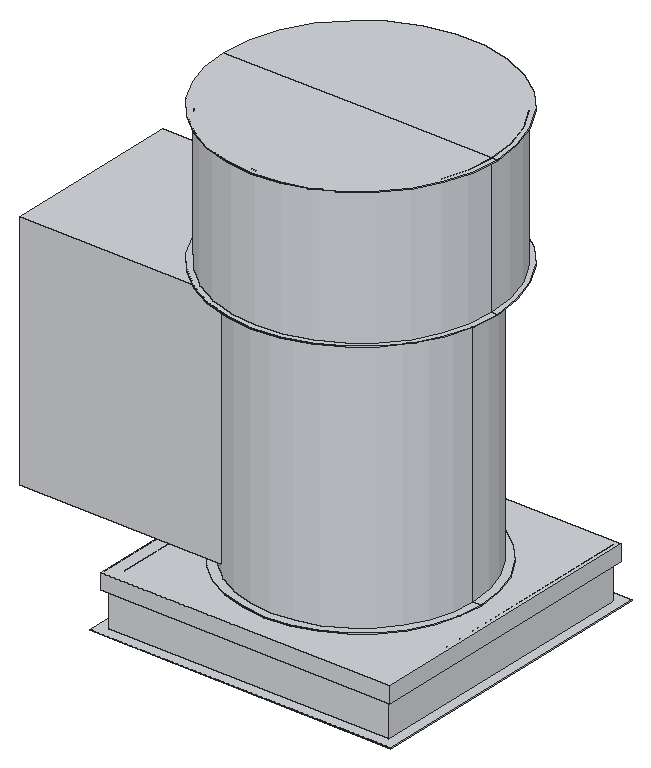
Revit family "VAHB_Roof_Exhauster", category Mechanical Equipment, Revit 2019
Family settings
  Round Connector Dimension = Use Diameter
  Part Type = Normal
  Work Plane-Based = No
  Always vertical = Yes
  Cut with Voids When Loaded = No
  Shared = No
  Room Calculation Point = No
Parameters (values of type "42_VAHB_ROOF_EXHAUSTER")
  Unit Weight [instance] = ""
  UP_A = 6' - 7"
  T_SQ = 4' - 6"
  RO/2 = RO / 2  # 2' - 0 3/4"
  RO = T_SQ - 0' 4 1/2"  # 4' - 1 1/2"
  P/2 = P / 2  # 0' - 0 9/32"
  P = 0' - 0 9/16"  # constant formula
  N = 1' - 9 3/8"
  ModelID [instance] = ""
  M/2 = M / 2  # 2' - 0 3/8"
  M = 4' - 0 3/4"
  L-.125" = L - 0' 0 1/8"  # 2' - 1 1/16"
  J+J = J + J  # 0' - 1 7/8"
  J = 0' - 0 15/16"
  K/2 = K / 2  # 2' - 0 1/16"
  K = 4' - 0 1/8"
  L-(C/2) = L - (C / 2)  # 0' - 3"
  L = 2' - 1 3/16"
  H-(A/2) = H - (A / 2)  # 2' - 5 1/2"
  H+L = H + L  # 6' - 3 11/16"
  H = 4' - 2 1/2"
  Sones [instance] = ""
  Motor RPM [instance] = ""
  Motor Enclosure [instance] = ""
  LwA [instance] = ""
  G = 16' - 0"
  Fan RPM [instance] = ""
  F/2 = F / 2  # 0' - 0 9/32"
  F = 0' - 0 9/16"
  E/2 = E / 2  # 2' - 1"
  E-2" = E - 0' 2"  # 4' - 0"
  E = 4' - 2"
  CURB_HEIGHT [instance] = 0' - 9 1/2"
  CURB [instance] = yes
  C/2+L = C / 2 + L  # 3' - 11 3/8"
  C/2 = C / 2  # 1' - 10 3/16"
  C = 3' - 8 3/8"
  B/2 = B / 2  # 1' - 10 21/32"
  B = 3' - 9 5/16"
  Accessories [instance] = ""
  A/3 = A / 2.5  # 1' - 4.8"
  A/2 = A / 2  # 1' - 9"
  A = 3' - 6"
  60 = 60.00°  # constant formula
  30 = 30.00°  # constant formula
  3" = 0' - 3"  # constant formula
  Brake Hp [instance] = ""
  4" = 0' - 4"  # constant formula
  2' = 2' - 0"
  2" = 0' - 2"  # constant formula
  1" = 0' - 1"  # constant formula
  0 = 0' - 0"  # constant formula
  Voltage [instance] = 0 V
  URL = "www.lorencook.com"
  Type Comments = "Fixed Pitch Vane Axial Roof Exhauster Belt Drive Arrangement 9"  # constant formula
  Static Pressure [instance] = 0.00 in-wg
  Power [instance] = Voltage * Motor FLA * sqrt(if(Phase = 3, 3, 1))  # 0 VA
  Phase [instance] = 0
  Number of Poles [instance] = 1
  Motor Hp [instance] = "0"
  Motor FLA [instance] = 0 A
  Model = "VAHB"  # constant formula
  Manufacturer = "Loren Cook Company"
  CFM [instance] = 0 CFM
  1.5 = 0' - 1 1/2"  # constant formula
  ONE EIGTH = 0' - 0 1/8"  # constant formula
  -E/2 = -E / 2  # -2' - 1"
  -(E/2)+2" = -(E / 2) + 0' 2"  # -1' - 11"
  -(E-.25")/2 = -(E - 0' 0 1/4") / 2  # -2' - 0 7/8"
  (T_SQ+.25")/2 = (T_SQ + 0' 0 1/4") / 2  # 2' - 3 1/8"
  (H-(A/2))/2 = (H - (A / 2)) / 2  # 1' - 2 3/4"
  (E/2)-2" = (E / 2) - 0' 2"  # 1' - 11"
  (E-.25")/2 = (E - 0' 0 1/4") / 2  # 2' - 0 7/8"
  (B/2)+2" = (B / 2) + 0' 2"  # 2' - 0 21/32"
  (A+.25")/2 = (A + 0' 0 1/4") / 2  # 1' - 9 1/8"
Types (12): name | UP_A | T_SQ | RO/2 | RO | N | M/2 | M | L-.125" | J+J | J | K/2 | K | L-(C/2) | L | H-(A/2) | H+L | H | G | F/2 | F | E/2 | E-2" | E | C/2+L | C/2 | C | B/2 | B | A/3 | A/2 | A | -E/2 | -(E/2)+2" | -(E-.25")/2 | (T_SQ+.25")/2 | (H-(A/2))/2 | (E/2)-2" | (E-.25")/2 | (B/2)+2" | (A+.25")/2
  (no name) | 6' - 7" | 4' - 6" | 2' - 0 3/4" | 4' - 1 1/2" | 1' - 9 3/8" | 2' - 0 3/8" | 4' - 0 3/4" | 2' - 1 1/16" | 0' - 1 7/8" | 0' - 0 15/16" | 2' - 0 1/16" | 4' - 0 1/8" | 0' - 3" | 2' - 1 3/16" | 2' - 5 1/2" | 6' - 3 11/16" | 4' - 2 1/2" | 16' - 0" | 0' - 0 9/32" | 0' - 0 9/16" | 2' - 1" | 4' - 0" | 4' - 2" | 3' - 11 3/8" | 1' - 10 3/16" | 3' - 8 3/8" | 1' - 10 21/32" | 3' - 9 5/16" | 1' - 4.8" | 1' - 9" | 3' - 6" | -2' - 1" | -1' - 11" | -2' - 0 7/8" | 2' - 3 1/8" | 1' - 2 3/4" | 1' - 11" | 2' - 0 7/8" | 2' - 0 21/32" | 1' - 9 1/8"
  12_VAHB_ROOF_EXHAUSTER | 2' - 10" | 1' - 10" | 0' - 8 3/4" | 1' - 5 1/2" | 0' - 5 5/16" | 0' - 7 9/32" | 1' - 2 9/16" | 0' - 9" | 0' - 1 3/4" | 0' - 0 7/8" | 0' - 9 1/8" | 1' - 6 1/4" | 0' - 2 7/16" | 0' - 9 1/8" | 1' - 3" | 2' - 6 1/8" | 1' - 9" | 6' - 0" | 0' - 0 5/32" | 0' - 0 5/16" | 0' - 10" | 1' - 6" | 1' - 8" | 1' - 3 13/16" | 0' - 6 11/16" | 1' - 1 3/8" | 0' - 7 3/8" | 1' - 2 3/4" | 0' - 4.8" | 0' - 6" | 1' - 0" | -0' - 10" | -0' - 8" | -0' - 9 7/8" | 0' - 11 1/8" | 0' - 7 1/2" | 0' - 8" | 0' - 9 7/8" | 0' - 9 3/8" | 0' - 6 1/8"
  14_VAHB_ROOF_EXHAUSTER | 3' - 1" | 2' - 0" | 0' - 9 3/4" | 1' - 7 1/2" | 0' - 6 5/16" | 0' - 8 9/32" | 1' - 4 9/16" | 0' - 10" | 0' - 1 3/4" | 0' - 0 7/8" | 0' - 10 5/8" | 1' - 9 1/4" | 0' - 2 3/8" | 0' - 10 1/8" | 1' - 5" | 2' - 10 1/8" | 2' - 0" | 6' - 0" | 0' - 0 5/32" | 0' - 0 5/16" | 0' - 11 1/2" | 1' - 9" | 1' - 11" | 1' - 5 7/8" | 0' - 7 3/4" | 1' - 3 1/2" | 0' - 8 3/8" | 1' - 4 3/4" | 0' - 5.6" | 0' - 7" | 1' - 2" | -0' - 11 1/2" | -0' - 9 1/2" | -0' - 11 3/8" | 1' - 0 1/8" | 0' - 8 1/2" | 0' - 9 1/2" | 0' - 11 3/8" | 0' - 10 3/8" | 0' - 7 1/8"
  18_VAHB_ROOF_EXHAUSTER | 4' - 3" | 2' - 4" | 0' - 11 3/4" | 1' - 11 1/2" | 0' - 8 1/2" | 0' - 10 1/2" | 1' - 9" | 1' - 0 5/16" | 0' - 1 3/4" | 0' - 0 7/8" | 1' - 1 5/8" | 2' - 3 1/4" | 0' - 2 9/16" | 1' - 0 7/16" | 1' - 6 1/4" | 3' - 3 11/16" | 2' - 3 1/4" | 12' - 0" | 0' - 0 7/32" | 0' - 0 7/16" | 1' - 2 1/2" | 2' - 3" | 2' - 5" | 1' - 10 5/16" | 0' - 9 7/8" | 1' - 7 3/4" | 0' - 10 5/8" | 1' - 9 1/4" | 0' - 7.2" | 0' - 9" | 1' - 6" | -1' - 2 1/2" | -1' - 0 1/2" | -1' - 2 3/8" | 1' - 2 1/8" | 0' - 9 1/8" | 1' - 0 1/2" | 1' - 2 3/8" | 1' - 0 5/8" | 0' - 9 1/8"
  21_VAHB_ROOF_EXHAUSTER | 4' - 5" | 2' - 8" | 1' - 1 3/4" | 2' - 3 1/2" | 0' - 10" | 1' - 0" | 2' - 0" | 1' - 1 13/16" | 0' - 1 3/4" | 0' - 0 7/8" | 1' - 2 5/8" | 2' - 5 1/4" | 0' - 2 9/16" | 1' - 1 15/16" | 1' - 9" | 3' - 9 7/16" | 2' - 7 1/2" | 12' - 0" | 0' - 0 7/32" | 0' - 0 7/16" | 1' - 3 1/2" | 2' - 5" | 2' - 7" | 2' - 1 5/16" | 0' - 11 3/8" | 1' - 10 3/4" | 1' - 0 1/8" | 2' - 0 1/4" | 0' - 8.4" | 0' - 10 1/2" | 1' - 9" | -1' - 3 1/2" | -1' - 1 1/2" | -1' - 3 3/8" | 1' - 4 1/8" | 0' - 10 1/2" | 1' - 1 1/2" | 1' - 3 3/8" | 1' - 2 1/8" | 0' - 10 5/8"
  26_VAHB_ROOF_EXHAUSTER | 4' - 7" | 3' - 0" | 1' - 3 3/4" | 2' - 7 1/2" | 1' - 0 13/16" | 1' - 2 25/32" | 2' - 5 9/16" | 1' - 4 9/16" | 0' - 1 7/8" | 0' - 0 15/16" | 1' - 3 1/16" | 2' - 6 1/8" | 0' - 2 11/16" | 1' - 4 11/16" | 1' - 9 1/2" | 4' - 3 3/16" | 2' - 10 1/2" | 12' - 0" | 0' - 0 7/32" | 0' - 0 7/16" | 1' - 4" | 2' - 6" | 2' - 8" | 2' - 6 11/16" | 1' - 2" | 2' - 4" | 1' - 3 5/32" | 2' - 6 5/16" | 0' - 10.4" | 1' - 1" | 2' - 2" | -1' - 4" | -1' - 2" | -1' - 3 7/8" | 1' - 6 1/8" | 0' - 10 3/4" | 1' - 2" | 1' - 3 7/8" | 1' - 5 5/32" | 1' - 1 1/8"
  29_VAHB_ROOF_EXHAUSTER | 4' - 11" | 3' - 6" | 1' - 6 3/4" | 3' - 1 1/2" | 1' - 2 5/16" | 1' - 4 5/16" | 2' - 8 5/8" | 1' - 6 1/8" | 0' - 1 7/8" | 0' - 0 15/16" | 1' - 5 1/16" | 2' - 10 1/8" | 0' - 2 3/4" | 1' - 6 1/4" | 2' - 2" | 4' - 10 3/4" | 3' - 4 1/2" | 12' - 0" | 0' - 0 7/32" | 0' - 0 7/16" | 1' - 6" | 2' - 10" | 3' - 0" | 2' - 9 3/4" | 1' - 3 1/2" | 2' - 7" | 1' - 4 21/32" | 2' - 9 5/16" | 0' - 11.6" | 1' - 2 1/2" | 2' - 5" | -1' - 6" | -1' - 4" | -1' - 5 7/8" | 1' - 9 1/8" | 1' - 1" | 1' - 4" | 1' - 5 7/8" | 1' - 6 21/32" | 1' - 2 5/8"
  36_VAHB_ROOF_EXHAUSTER | 5' - 11" | 4' - 0" | 1' - 9 3/4" | 3' - 7 1/2" | 1' - 6 5/16" | 1' - 8 5/16" | 3' - 4 5/8" | 1' - 10 1/8" | 0' - 1 7/8" | 0' - 0 15/16" | 1' - 8 1/16" | 3' - 4 1/8" | 0' - 3 1/4" | 1' - 10 1/4" | 2' - 3 1/2" | 5' - 7 3/4" | 3' - 9 1/2" | 16' - 0" | 0' - 0 9/32" | 0' - 0 9/16" | 1' - 9" | 3' - 4" | 3' - 6" | 3' - 5 1/4" | 1' - 7" | 3' - 2" | 1' - 8 5/32" | 3' - 4 5/16" | 1' - 2.4" | 1' - 6" | 3' - 0" | -1' - 9" | -1' - 7" | -1' - 8 7/8" | 2' - 0 1/8" | 1' - 1 3/4" | 1' - 7" | 1' - 8 7/8" | 1' - 10 5/32" | 1' - 6 1/8"
  42_VAHB_ROOF_EXHAUSTER | 6' - 7" | 4' - 6" | 2' - 0 3/4" | 4' - 1 1/2" | 1' - 9 3/8" | 2' - 0 3/8" | 4' - 0 3/4" | 2' - 1 1/16" | 0' - 1 7/8" | 0' - 0 15/16" | 2' - 0 1/16" | 4' - 0 1/8" | 0' - 3" | 2' - 1 3/16" | 2' - 5 1/2" | 6' - 3 11/16" | 4' - 2 1/2" | 16' - 0" | 0' - 0 9/32" | 0' - 0 9/16" | 2' - 1" | 4' - 0" | 4' - 2" | 3' - 11 3/8" | 1' - 10 3/16" | 3' - 8 3/8" | 1' - 10 21/32" | 3' - 9 5/16" | 1' - 4.8" | 1' - 9" | 3' - 6" | -2' - 1" | -1' - 11" | -2' - 0 7/8" | 2' - 3 1/8" | 1' - 2 3/4" | 1' - 11" | 2' - 0 7/8" | 2' - 0 21/32" | 1' - 9 1/8"
  48_VAHB_ROOF_EXHAUSTER | 8' - 1 1/2" | 4' - 10 1/4" | 2' - 2 7/8" | 4' - 5 3/4" | 2' - 0 3/8" | 2' - 2 3/8" | 4' - 4 3/4" | 2' - 4 1/8" | 0' - 1 7/8" | 0' - 0 15/16" | 2' - 3 1/16" | 4' - 6 1/8" | 0' - 3" | 2' - 4 1/4" | 2' - 6" | 6' - 10 1/4" | 4' - 6" | 16' - 0" | 0' - 0 9/32" | 0' - 0 9/16" | 2' - 4" | 4' - 6" | 4' - 8" | 4' - 5 1/2" | 2' - 1 1/4" | 4' - 2 1/2" | 2' - 2 19/32" | 4' - 5 3/16" | 1' - 7.2" | 2' - 0" | 4' - 0" | -2' - 4" | -2' - 2" | -2' - 3 7/8" | 2' - 5 1/4" | 1' - 3" | 2' - 2" | 2' - 3 7/8" | 2' - 4 19/32" | 2' - 0 1/8"
  54_VAHB_ROOF_EXHAUSTER | 8' - 7 1/2" | 5' - 4 1/4" | 2' - 5 7/8" | 4' - 11 3/4" | 2' - 3 1/2" | 2' - 5 1/2" | 4' - 11" | 2' - 7 1/8" | 0' - 2" | 0' - 1" | 2' - 6" | 5' - 0" | 0' - 3" | 2' - 7 1/4" | 2' - 8 1/2" | 7' - 6 3/4" | 4' - 11 1/2" | 16' - 0" | 0' - 0 9/32" | 0' - 0 9/16" | 2' - 7" | 5' - 0" | 5' - 2" | 4' - 11 1/2" | 2' - 4 1/4" | 4' - 8 1/2" | 2' - 5 23/32" | 4' - 11 7/16" | 1' - 9.6" | 2' - 3" | 4' - 6" | -2' - 7" | -2' - 5" | -2' - 6 7/8" | 2' - 8 1/4" | 1' - 4 1/4" | 2' - 5" | 2' - 6 7/8" | 2' - 7 23/32" | 2' - 3 1/8"
  60_VAHB_ROOF_EXHAUSTER | 9' - 2 1/2" | 5' - 10 1/4" | 2' - 8 7/8" | 5' - 5 3/4" | 2' - 7" | 2' - 9" | 5' - 6" | 2' - 11 1/8" | 0' - 2" | 0' - 1" | 2' - 9 1/2" | 5' - 7" | 0' - 3 5/8" | 2' - 11 1/4" | 2' - 11" | 8' - 4 1/4" | 5' - 5" | 16' - 0" | 0' - 0 9/32" | 0' - 0 9/16" | 2' - 10 1/2" | 5' - 7" | 5' - 9" | 5' - 6 7/8" | 2' - 7 5/8" | 5' - 3 1/4" | 2' - 8 23/32" | 5' - 5 7/16" | 2' - 0" | 2' - 6" | 5' - 0" | -2' - 10 1/2" | -2' - 8 1/2" | -2' - 10 3/8" | 2' - 11 1/4" | 1' - 5 1/2" | 2' - 8 1/2" | 2' - 10 3/8" | 2' - 10 23/32" | 2' - 6 1/8"
Reference planes (in)
  plane 1 "Center (Front/Back)": y = 0
  plane 2: z = 0
  plane 3 "Center (Left/Right)": x = 0.40541
Forms (in)
  Revolve 1, solid
    sketch origin (0, 0, 0) x (1, 0, 0) y (0, 0, 1)
      loop
        line (0.40541, 53) -> (0.40541, 3) -> (23.06166, 3) -> (23.06166, 3.125) -> (21.53041, 3.125) -> (21.53041, 52.875) -> (23.06166, 52.875) -> (23.06166, 53) -> (0.40541, 53)
      axis (0.40541, 3) -> (0.40541, 53)
    angle from 0 to 360
  Extrusion 2, solid
    sketch origin (0, 0, 0) x (1, 0, 0) y (0, 1, 0)
      loop
        line (-12.40184, 16.8) -> (-50.09459, 16.8) -> (-50.09459, -16.8) -> (-12.40184, -16.8)
        arc (-12.40184, -16.8) -> (-20.71959, 0) -> (-12.40184, 16.8) r 21.125
    from 50 <- "E" to 5
  Extrusion 3, solid
    sketch origin (0, 0, 0) x (1, 0, 0) y (0, 1, 0)
      loop
        line (-26.71959, 27.125) -> (-26.71959, -27.125) -> (27.53041, -27.125) -> (27.53041, 27.125) -> (-26.71959, 27.125)
    from 0 to 3
  Extrusion 4, void
    sketch origin (0, 0, 0) x (1, 0, 0) y (0, 1, 0)
      loop
        line (-26.59459, 27) -> (-26.59459, -27) -> (27.40541, -27) -> (27.40541, 27) -> (-26.59459, 27)
    from 0 to 2.875
  Revolve 5, solid
    sketch origin (0, 0, 0) x (1, 0, 0) y (0, 0, 1)
      loop
        line (0.40541, 52.875) -> (26.06166, 52.875) -> (26.06166, 53) -> (25.06166, 53) -> (25.06166, 78.875) -> (26.06166, 78.875) -> (26.06166, 79) -> (0.40541, 79) -> (0.40541, 52.875)
      axis (0.40541, 79) -> (0.40541, 52.875)
    angle from 0 to 360
  Extrusion 6, solid, visible <- "CURB"
    sketch origin (0, 0, 2.875) x (0, 1, 0) y (1, 0, 0)
      loop
        line (24.75, -24.34459) -> (24.75, 25.15541) -> (-24.75, 25.15541) -> (-24.75, -24.34459) -> (24.75, -24.34459)
      loop
        line (-26.25, 26.65541) -> (-26.25, -25.84459) -> (26.25, -25.84459) -> (26.25, 26.65541) -> (-26.25, 26.65541)
    from 0 to 9.5 <- "CURB_HEIGHT"
  Extrusion 7, solid, visible <- "CURB"
    sketch origin (0, 0, -6.625) x (-1, 0, 0) y (0, 1, 0)
      loop
        line (25.84459, -26.25) -> (25.84459, 26.25) -> (-26.65541, 26.25) -> (-26.65541, -26.25) -> (25.84459, -26.25)
      loop
        line (-28.65541, 28.25) -> (-28.65541, -28.25) -> (27.84459, -28.25) -> (27.84459, 28.25) -> (-28.65541, 28.25)
    from 0 to -0.125
Cuts and joins
  Extrusion 4 cuts Extrusion 3
Dimensions and locks (in)
  "0": Revolve 1 sketch curve to plane 3 "Center (Left/Right)"  (x2)
  "ONE EIGTH": Revolve 1 sketch curve to Revolve 1 sketch curve  (x2)
  "B/2": Revolve 1 sketch curve to Revolve 1 sketch curve  (x2)
  "(A+.25")/2": Revolve 1 sketch curve to Revolve 1 sketch curve
  "0": Extrusion 2 sketch curve to plane 3 "Center (Left/Right)"
  "0": Extrusion 2 sketch curve to plane 1 "Center (Front/Back)"
  "A/3": Extrusion 2 sketch curve to plane 1 "Center (Front/Back)"
  "H": Extrusion 2 sketch curve to plane 3 "Center (Left/Right)"
  "A/3": Extrusion 2 sketch curve to Revolve 1
  "E": Revolve 1 sketch curve to Revolve 1 sketch curve
  "3"": Revolve 1 sketch curve to level
  "(T_SQ+.25")/2": Extrusion 3 sketch curve to plane 3 "Center (Left/Right)"
  "(T_SQ+.25")/2": plane 3 "Center (Left/Right)" to Extrusion 3 sketch curve
  "(T_SQ+.25")/2": plane 1 "Center (Front/Back)" to Extrusion 3 sketch curve
  "(T_SQ+.25")/2": Extrusion 3 sketch curve to plane 1 "Center (Front/Back)"
  "ONE EIGTH": Extrusion 4 sketch curve to Extrusion 3  (x2)
  "ONE EIGTH": Extrusion 3 to Extrusion 4 sketch curve  (x2)
  "UP_A": Revolve 5 sketch curve to level
  "0": Revolve 5 sketch curve to Revolve 1
  "ONE EIGTH": Revolve 5 sketch curve to Revolve 5 sketch curve  (x2)
  "0": Revolve 5 sketch curve to plane 3 "Center (Left/Right)"  (x2)
  "1"": Revolve 5 sketch curve to Revolve 5 sketch curve  (x2)
  "(B/2)+2"": Revolve 5 sketch curve to plane 3 "Center (Left/Right)"
  "1.5": Extrusion 6 sketch curve to Extrusion 6 sketch curve  (x4)
  "RO/2": Extrusion 6 sketch curve to plane 3 "Center (Left/Right)"
  "RO/2": plane 3 "Center (Left/Right)" to Extrusion 6 sketch curve
  "RO/2": plane 1 "Center (Front/Back)" to Extrusion 6 sketch curve
  "RO/2": Extrusion 6 sketch curve to plane 1 "Center (Front/Back)"
  "2"": Extrusion 7 sketch curve to Extrusion 7 sketch curve  (x4)
  "0": Extrusion 6 to Extrusion 7 sketch curve
  "0": Extrusion 7 sketch curve to Extrusion 6  (x3)
  "(A+.25")/2": radius of Extrusion 2 sketch curve
Automatic sketch dimensions
  Extrusion 2 sketch curve to Extrusion 2 sketch curve = 0' - 0"
  Revolve 1 sketch curve to Revolve 1 sketch curve = 0' - 0"
  Revolve 1 sketch curve to Revolve 1 sketch curve = 1' - 6"
  Revolve 5 sketch curve to Revolve 5 sketch curve = 2' - 0"  (x2)
Connectors (in)
  electrical at (-31.24821, -16.8, 27.5)
    settings: on Extrusion 2, index 3, voltage 0 V, apparent load 0 VA, apparent load phase1 0 VA, apparent load phase2 0 VA, apparent load phase3 0 VA, power factor 1, load classification "Other", number of poles 1, system type 30, power factor state 1, is connector primary yes, connector utility no, sub classification motor no, connector description ""
  hvac at (0.40541, 0, 2.875), driven by "CFM", driven by "RO", driven by "RO"
    settings: on cut or joined group of Extrusion 3, Extrusion 4, index 4, duct flow 0 CFM, flow factor 0, pres drop 0.00 in-wg, loss coef 0, conn angle 0.00°, conn width 49 1/2", conn height 49 1/2", conn diameter 24", duct sys type 3, conn prof type 1, flow config 0, flow direction 1, loss method 0, conn ref index -1, conn util no, is conn primary yes, conn desc ""
